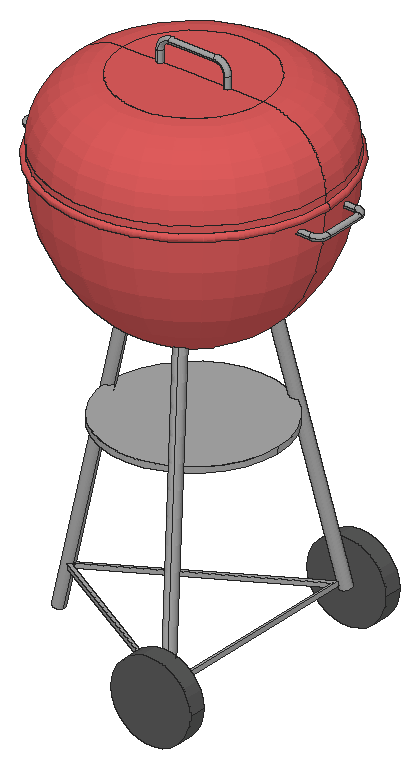
Revit family
Parameters (values of type "470mm dia")
  Type Comments = "Oven-style BBQ"
  Height = 0 mm
  Lid On / Off [instance] = yes
  Description = "470mm dia BBQ"
Reference planes
  plane 1 "Center (Front/Back)": y = 0
  plane 2: z = 0
  plane 3 "Center (Left/Right)": x = 0
Forms (mm)
  Revolve 1, solid, material "BBQ Colour"
    sketch origin (0, 0, 0) x (1, 0, 0) y (0, 0, 1)
      loop
        spline (-235, 793.75) -> (-232.99, 758.182) -> (-226.993, 723.222) -> (-217.112, 689.469) -> (-203.516, 657.5) -> (-186.438, 627.863) -> (-166.17, 601.063) -> (-143.059, 577.561) -> (-117.5, 557.758) -> (-89.931, 541.993) -> (-60.822, 530.535) -> (-30.674, 523.581) -> (0, 521.25)
        line (0, 521.25) -> (0, 538.75)
        spline (0, 538.75) -> (-28.716, 540.932) -> (-56.94, 547.439) -> (-84.19, 558.161) -> (-110, 572.914) -> (-133.928, 591.445) -> (-155.563, 613.438) -> (-174.538, 638.516) -> (-190.526, 666.25) -> (-203.253, 696.166) -> (-212.504, 727.751) -> (-218.118, 760.466) -> (-220, 793.75)
        line (-220, 793.75) -> (-235, 793.75)
      axis (0, 793.75) -> (0, 521.25)
    angle from 0 to 360
  Extrusion 2, solid, material "BBQ Metal"
    sketch origin (0, 0, 0) x (1, 0, 0) y (0, 1, 0)
      loop
        circle (0, 0) r 200
    from 760.879 to 765.879
  Revolve 3, solid, material "BBQ Colour", visible <- "Lid On / Off"
    sketch origin (0, 0, 0) x (1, 0, 0) y (0, 0, 1)
      loop
        line (-235, 793.75) -> (-225, 793.75) -> (-225, 818.431)
        arc (-225, 818.431) -> (-195.711, 889.142) -> (-125, 918.431) r 100
        line (-125, 918.431) -> (0, 918.431) -> (0, 928.431) -> (-125, 928.431)
        arc (-125, 928.431) -> (-202.782, 896.213) -> (-235, 818.431) r 110
        line (-235, 818.431) -> (-235, 806.552)
        arc (-235, 806.552) -> (-241.401, 800.151) -> (-235, 793.75) r 6.401
      axis (0, 928.431) -> (0, 793.75)
    angle from 0 to 360
  Sweep 4, solid, material "BBQ Metal", visible <- "Lid On / Off"
    path origin (0, 0, 0) x (1, 0, 0) y (0, 0, 1)
      loop
        line (-60, 928.328) -> (-60, 948.328)
        arc (-60, 948.328) -> (-54.142, 962.47) -> (-40, 968.328) r 20
        line (-40, 968.328) -> (40, 968.328)
        arc (40, 968.328) -> (54.142, 962.47) -> (60, 948.328) r 20
        line (60, 948.328) -> (60, 928.328)
    profile origin (0, 0, 968.328) x (0, 0, 1) y (0, -1, 0)
      loop
        circle (0, 0) r 5
  Sweep 5, solid, material "BBQ Metal"
    path origin (0, 0, 0) x (1, 0, 0) y (0, 0, 1)
      loop
        line (-240, 0) -> (-109.528, 565.135)
    profile origin (-174.764, 0, 282.567) x (-0.97437, 0, 0.224951) y (0, -1, 0)
      loop
        circle (0, 0) r 10
  Sweep 6, solid, material "BBQ Metal"
    path origin (-1.047, -1.813, 0) x (-0.5, 0.866025, 0) y (0, 0, 1)
      loop
        line (-224.253, 68.206) -> (-109.528, 565.135)
    profile origin (82.399, -146.345, 316.67) x (0.487185, -0.843829, 0.224951) y (0.866025, 0.5, 0)
      loop
        circle (0, 0) r 10
  Sweep 7, solid, material "BBQ Metal"
    path origin (2.488, 0.683, 0) x (-0.5, -0.866025, 0) y (0, 0, 1)
      loop
        line (-224.253, 68.206) -> (-109.528, 565.135)
    profile origin (85.933, 145.215, 316.67) x (0.487185, 0.843829, 0.224951) y (-0.866025, 0.5, 0)
      loop
        circle (0, 0) r 10
  Extrusion 8, solid, material "BBQ Metal"
    sketch origin (0, 0, 0) x (1, 0, 0) y (0, 1, 0)
      loop
        line (109.743, 186.454) -> (-223.677, -6.046) -> (109.743, -198.546) -> (109.743, 186.454)
      loop
        line (104.743, 177.793) -> (-213.677, -6.046) -> (104.743, -189.886) -> (104.743, 177.793)
    from 70.22 to 78.204
  Extrusion 9, solid, material "BBQ Wheels"
    sketch origin (0, 0, 0) x (1, 0, 0) y (0, 0, 1)
      loop
        circle (109.743, 70.22) r 70.22
    from 202.298 to 232.298
  Extrusion 10, solid, material "BBQ Wheels"
    sketch origin (0, 435.243, 0) x (1, 0, 0) y (0, 0, 1)
      loop
        circle (109.743, 70.22) r 70.22
    from 202.298 to 232.298
  Extrusion 11, solid, material "BBQ Metal"
    sketch origin (0, 0, 0) x (1, 0, 0) y (0, 1, 0)
      loop
        circle (0, 0) r 150
    from 377.355 to 387.557
  Sweep 12, solid, material "BBQ Metal"
    path origin (-15, 0, 780) x (1, 0, 0) y (0, 1, 0)
      loop
        line (-209.744, -50) -> (-234.744, -50)
        arc (-234.744, -50) -> (-245.35, -45.607) -> (-249.744, -35) r 15
        line (-249.744, -35) -> (-249.744, 35)
        arc (-249.744, 35) -> (-245.35, 45.607) -> (-234.744, 50) r 15
        line (-234.744, 50) -> (-209.744, 50)
    profile origin (-264.744, 0, 780) x (-1, 0, 0) y (0, 0, 1)
      loop
        circle (0, 0) r 5
  Sweep 13, solid, material "BBQ Metal"
    path origin (15, 0, 780) x (-1, 0, 0) y (0, -1, 0)
      loop
        line (-209.744, 50) -> (-234.744, 50)
        arc (-234.744, 50) -> (-245.35, 45.607) -> (-249.744, 35) r 15
        line (-249.744, 35) -> (-249.744, -35)
        arc (-249.744, -35) -> (-245.35, -45.607) -> (-234.744, -50) r 15
        line (-234.744, -50) -> (-209.744, -50)
    profile origin (794.231, 0, 780) x (1, 0, 0) y (0, 0, 1)
      loop
        circle (-529.487, 0) r 5
